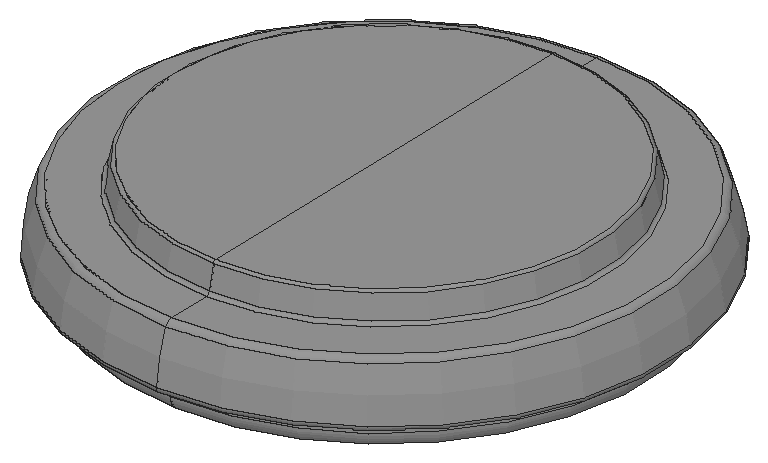
Revit family "FMK11_63_UN_Surface-mounted_ETK", category Lighting Fixtures, Revit 2017
Family settings
  Round Connector Dimension = Use Diameter
  Part Type = Normal
  OmniClass Number = 23.80.70.11.14.11
  OmniClass Title = Downlights
  Work Plane-Based = No
  Always vertical = Yes
  Cut with Voids When Loaded = No
  Light Source = No
  Shared = No
  Room Calculation Point = Yes
Parameters (values of type "FMK.1139.10N - Ø250x48 / 12W")
  Wattage Comments = "12W"
  Wall mounted [instance] = no
  Voltage = 230 V
  URL = "https://www.etk.nl/--4761"
  Type Comments = "IP54 - IK08"
  Symbol_Waterproof [instance] = no
  Symbol_Emergency Lighting [instance] = no
  Switch Code [instance] = ""
  Radius = Diameter / 2  # 125 mm
  Model = "FMK.1"
  Manufacturer = "ETK licht B.V."
  Luminaire_Body_Material = PPS Plastic
  Luminaire Code [instance] = ""
  Lamp = "LED"
  IfcExportType = "USERDEFINED"
  IfcExportAs = "IfcLightFixtureType"
  Distance Symbol [instance] = if(Wall mounted, 250 mm, 0 mm)  # 0 mm
  Distance Luminaire Wall [instance] = if([40mm Height], 28.2 mm, 38.2 mm)  # 38.2 mm
  Distance Luminaire [instance] = if([40mm Height], 28.2 mm, 38.2 mm)  # 38.2 mm
  Diameter = 250 mm
  Description = "Surface Mounted"
  Copyright © IVLighting = "www.ivlighting.nl"
  Ceiling mounted [instance] = not(Wall mounted)  # yes
  Calc_Radius = Radius - 7.7 mm  # 117.3 mm
  Bundle = "120°"
  Assembly Code = "63.0"
  Apparent Load = 12 VA
  48mm Height = not([40mm Height])  # yes
  40mm Height = no
Reference planes
  plane 1 "Center (Front/Back)": y = 0
  plane 2: z = 0
  plane 3 "Center (Left/Right)": x = 0
Dimensions and locks
  "Distance Luminaire": plane 2 to nested 3
  "Distance Luminaire Wall": nested 2 to plane 3 "Center (Left/Right)"
  "Distance Symbol": plane 3 "Center (Left/Right)" to nested 1
  aligned and locked: level to plane 2
Nested families
  nested 1: "FMK.1 D250 Light_Symbol_IVL" at (0, 0, 0), Wall mounted <- "Wall mounted", Emergency Lighting <- "Symbol_Emergency Lighting", Waterproof <- "Symbol_Waterproof", type "Symbol 250mm"
  nested 2: "FMK1 Geometry" at (50.028, 0, -0.011) x (0, 0, 1) z (-1, 0, 0), visible <- "Wall mounted", type "FMK1 Geometry"
    with Symbol_Waterproof no, Symbol_Emergency Lighting no, Radius 125 mm, Diameter 250 mm, Calc_Radius 117.3 mm, 48mm Height yes, 40mm Height no
  nested 3: "FMK1 Geometry" at (0, 0, -50.028) x (0, -1, 0) z (0, 0, 1), visible <- "Ceiling mounted", type "FMK1 Geometry"
    with Symbol_Waterproof no, Symbol_Emergency Lighting no, Radius 125 mm, Diameter 250 mm, Calc_Radius 117.3 mm, 48mm Height yes, 40mm Height no
  nested 4: "FMK.1 - Lightsource" at (40.039, -3.799, 2.924) x (0, 0, -1) z (-1, 0, 0), visible <- "Wall mounted", type "FMK.1109.10 - Ø250x48 / 12W"
  nested 5: "FMK.1 - Lightsource" at (0, -0.95, -38.75), visible <- "Ceiling mounted", type "FMK.1109.10 - Ø250x48 / 12W"
Connectors
  electrical at (0, 0, 0), driven by "Apparent Load"
    settings: index 1, voltage 0 V, apparent load 0 VA, apparent load phase1 12 VA, apparent load phase2 0 VA, apparent load phase3 0 VA, power factor 1, load classification "Other", number of poles 1, system type 31, power factor state 1, is connector primary yes, connector utility no, sub classification motor no, connector description ""
Definition of nested family "FMK1 Geometry"
  Parameters (values of type "FMK1 Geometry")
    URL = "https://www.etk.nl/--4761"
    Type Comments = "IP54 - IK08"
    Symbol_Waterproof [instance] = no
    Symbol_Emergency Lighting [instance] = no
    Radius = Diameter / 2  # 150 mm
    Model = "FMK.1"
    Manufacturer = "ETK licht B.V."
    Luminaire_Body_Material = none
    Diameter = 300 mm
    Description = "Surface Mounted"
    Default Elevation = 1219.2 mm
    Copyright © IVLighting = "www.ivlighting.nl"
    Calc_Radius = Radius - 7.7 mm  # 142.3 mm
    Assembly Code = "63.0"
    48mm Height = not([40mm Height])  # no
    40mm Height = yes
  Reference planes
    plane 1 "Center (Front/Back)": y = 0
    plane 2: z = 0
    plane 3 "Center (Left/Right)": x = 0
    plane 4: x = -150
    plane 5: x = -142.3
    plane 6: x = -117.421
    plane 7: x = -150
    plane 8: x = -120.493
  Forms (mm)
    Revolve 1, solid, visible <- "48mm Height"
      sketch origin (0, 0, 0) x (1, 0, 0) y (0, 0, 1)
        loop
          line (0, 11.878) -> (0, 50.016) -> (-117.421, 50.016)
          arc (-117.421, 50.016) -> (-118.285, 49.731) -> (-118.81, 48.988) r 1.453
          arc (-118.81, 48.988) -> (-120.071, 44.131) -> (-120.91, 39.183) r 58.4
          arc (-120.91, 39.183) -> (-121.418, 38.222) -> (-122.436, 37.837) r 1.538
          line (-122.436, 37.837) -> (-141.664, 37.837)
          arc (-141.664, 37.837) -> (-143.489, 37.28) -> (-144.691, 35.8) r 3.266
          arc (-144.691, 35.8) -> (-148.152, 25.071) -> (-150, 13.95) r 76.559
          arc (-150, 13.95) -> (-149.511, 12.497) -> (-148.108, 11.878) r 1.9
          line (-148.108, 11.878) -> (0, 11.878)
        axis (0, 50.016) -> (0, 11.878)
      angle from 0 to 360
    Revolve 2, solid
      sketch origin (0, 0, 0) x (1, 0, 0) y (0, 0, 1)
        loop
          line (-135.229, 0) -> (0, 0) -> (0, 11.828) -> (-142.3, 11.828) -> (-142.3, 7.071)
          arc (-142.3, 7.071) -> (-140.229, 2.071) -> (-135.229, 0) r 7.071
        axis (0, 11.828) -> (0, 0)
      angle from 0 to 360
    Revolve 3, solid, visible <- "40mm Height"
      sketch origin (0, 0, 0) x (1, 0, 0) y (0, 0, 1)
        loop
          line (0, 11.878) -> (0, 40) -> (-117.421, 40)
          arc (-117.421, 40) -> (-118.285, 39.715) -> (-118.81, 38.972) r 1.453
          arc (-118.81, 38.972) -> (-119.76, 35.483) -> (-120.493, 31.941) r 58.4
          arc (-120.493, 31.941) -> (-121.366, 30.426) -> (-123.008, 29.828) r 2.553
          line (-123.008, 29.828) -> (-145.086, 29.828)
          arc (-145.086, 29.828) -> (-146.498, 29.355) -> (-147.342, 28.129) r 2.347
          arc (-147.342, 28.129) -> (-149.006, 21.102) -> (-150, 13.95) r 76.559
          arc (-150, 13.95) -> (-149.511, 12.497) -> (-148.108, 11.878) r 1.9
          line (-148.108, 11.878) -> (0, 11.878)
        axis (0, 40) -> (0, 11.878)
      angle from 0 to 360
  Dimensions and locks
    "Radius": plane 3 "Center (Left/Right)" to plane 4
    "Calc_Radius": plane 3 "Center (Left/Right)" to plane 5
    locked: plane 6 to plane 4 at 32.579
    Revolve 3 sketch curve to plane 2 = 40 mm
    locked: plane 7 to plane 8 at 29.507
    "Radius": plane 3 "Center (Left/Right)" to plane 7
    aligned and locked: level to plane 2
    aligned and locked: plane 4 to Revolve 1 sketch curve
    aligned and locked: plane 5 to Revolve 2 sketch curve
    aligned and locked: plane 6 to Revolve 1 sketch curve
    aligned and locked: plane 7 to Revolve 3 sketch curve
  Automatic sketch dimensions
    Revolve 1 sketch curve to plane 4 = 0 mm
    Revolve 1 sketch curve to plane 3 "Center (Left/Right)" = 0 mm  (x2)
    plane 4 to Revolve 1 sketch curve = 1.892 mm
    plane 4 to Revolve 1 sketch curve = 8.336 mm
    Revolve 1 sketch curve to plane 6 = 5.015 mm
    level to Revolve 1 sketch curve = 6.994 mm
    plane 6 to Revolve 1 sketch curve = 43.663 mm
    Revolve 1 sketch curve to Revolve 1 sketch curve = 10.792 mm
    level to Revolve 1 sketch curve = 11.878 mm
    Revolve 1 sketch curve to Revolve 1 sketch curve = 24.906 mm
    Revolve 1 sketch curve to Revolve 1 sketch curve = 20.793 mm
    Revolve 1 sketch curve to Revolve 1 sketch curve = 3.266 mm
    Revolve 1 sketch curve to Revolve 1 sketch curve = 1.538 mm
    Revolve 1 sketch curve to Revolve 1 sketch curve = 9.38 mm
    Revolve 1 sketch curve to Revolve 1 sketch curve = 38.138 mm
    Revolve 1 sketch curve to Revolve 1 sketch curve = 0 mm
    Revolve 1 sketch curve to level = 366.045 mm
    Revolve 1 sketch curve to Revolve 1 sketch curve = 2164.299 mm
    Revolve 2 sketch curve to level = 0 mm
    Revolve 2 sketch curve to plane 3 "Center (Left/Right)" = 0 mm  (x2)
    plane 5 to Revolve 2 sketch curve = 7.071 mm
    level to Revolve 2 sketch curve = 11.828 mm
    Revolve 2 sketch curve to Revolve 2 sketch curve = 366.045 mm
    Revolve 2 sketch curve to Revolve 2 sketch curve = 2202.487 mm
    plane 7 to Revolve 3 sketch curve = 0 mm
    plane 8 to Revolve 3 sketch curve = 0 mm  (x2)
    Revolve 3 sketch curve to plane 3 "Center (Left/Right)" = 0 mm  (x2)
    Revolve 3 sketch curve to plane 7 = 1.892 mm
    Revolve 3 sketch curve to plane 7 = 4.914 mm
    plane 8 to Revolve 3 sketch curve = 2.515 mm
    Revolve 3 sketch curve to plane 8 = 3.073 mm
    level to Revolve 3 sketch curve = 6.994 mm
    Revolve 3 sketch curve to plane 8 = 46.736 mm
    Revolve 3 sketch curve to Revolve 3 sketch curve = 10.792 mm
    level to Revolve 3 sketch curve = 11.878 mm
    Revolve 3 sketch curve to Revolve 3 sketch curve = 14.89 mm
    Revolve 3 sketch curve to Revolve 3 sketch curve = 13.703 mm
    Revolve 3 sketch curve to Revolve 3 sketch curve = 2.347 mm
    Revolve 3 sketch curve to Revolve 3 sketch curve = 1.453 mm
    Revolve 3 sketch curve to level = 366.045 mm
    Revolve 3 sketch curve to Revolve 3 sketch curve = 2174.315 mm
Definition of nested family "FMK.1 D250 Light_Symbol_IVL"
  Parameters (values of type "Symbol 250mm")
    Waterproof [instance] = no
    Wall mounted [instance] = no
    Lighting Fixture [instance] = yes
    Emergency Lighting [instance] = no
  Reference planes
    plane 1: y = 0
    plane 2: x = 0
  Lines and regions (mm)
    Filled region 1, type "Emergency Lighting", visible <- "Waterproof"
      outline origin (5.15, 1.04, 0) x (1, 0, 0) y (0, 1, 0)
        loop
          arc (-6.33, -1.34) -> (-5.15, -2.258) -> (-3.97, -1.34) r 1.217
          line (-3.97, -1.34) -> (-6.33, -1.34)
    Filled region 2, type "Emergency Lighting", visible <- "Emergency Lighting"
      outline origin (-5.15, 1.04, 0) x (0, 1, 0) y (-1, 0, 0)
        loop
          line (-1.04, -5.15) -> (-1.901, -6.011)
          arc (-1.901, -6.011) -> (-1.04, -6.367) -> (-0.18, -6.011) r 1.217
          line (-0.18, -6.011) -> (-1.04, -5.15)
    Filled region 3, type "Emergency Lighting", visible <- "Emergency Lighting"
      outline origin (5.15, 1.04, 0) x (1, 0, 0) y (0, 1, 0)
        loop
          line (-5.15, -1.04) -> (-6.011, -0.18)
          arc (-6.011, -0.18) -> (-6.367, -1.04) -> (-6.011, -1.901) r 1.217
          line (-6.011, -1.901) -> (-5.15, -1.04)
    detail lines, visible <- "Lighting Fixture"
      curve 1: circle (0, 0, 0) r 1.217 normal (0, 0, 1)
    detail lines, visible <- "Waterproof"
      curve 2: circle (0, 0, 0) r 1.217 normal (0, 0, 1)
    detail lines, visible <- "Emergency Lighting"
      curve 3: circle (0, 0, 0) r 1.217 normal (0, 0, 1)
    detail lines, visible <- "Wall mounted"
      curve 4: line (-1.217, 0, 0) -> (-2.5, 0, 0)
      curve 5: line (-2.5, 0.5, 0) -> (-2.5, -0.5, 0)
Definition of nested family "FMK.1 - Lightsource"
  Parameters (values of type "FMK.1109.10 - Ø250x48 / 12W")
    Wattage Comments = "12W"
    Wattage = 23.5624 W
    built-in parameter 1150110 = 1 (stored number, unit not read)
    URL = "https://www.etk.nl/--4761"
    built-in parameter 1114217 = 1 (stored number, unit not read)
    Tilt Angle = 90.00°
    built-in parameter 1150109 = 1 (stored number, unit not read)
    built-in parameter 1150134 = (empty or 0)
    built-in parameter 1150113 = 1 (stored number, unit not read)
    Photometric Web File = "FMK.1109.10.ies"
    built-in parameter 1150142 = "IESNA:LM-63-2002\r\n[TEST] /2015\r\n[TESTLAB] ies2eulumdat.appspot.com\r\n[ISSUEDATE] 2021-06-16T09:00:21.829\r\n[MANUFAC] www.etk.nl\r\n[LUMCAT] FMK.1109.10\r\n[LUMINAIRE] FMK.1 LED 12W 3000/4000/5700K ø250 niet dimbaar\r\n[LAMPCAT] LED\r\n[LAMP] LED\r\nTILT=NONE\r\n1\t1150\t1\t46\t180\t1\t2\t-0.250\t-0.250\t0\r\n1.0\t1.0\t11.80\r\n0\t 2\t 4\t 6\t 8\t 10\t 12\t 14\t 16\t 18\r\n20\t 22\t 24\t 26\t 28\t 30\t 32\t 34\t 36\t 38\r\n40\t 42\t 44\t 46\t 48\t 50\t 52\t 54\t 56\t 58\r\n60\t 62\t 64\t 66\t 68\t 70\t 72\t 74\t 76\t 78\r\n80\t 82\t 84\t 86\t 88\t 90\r\n0\t 2\t 4\t 6\t 8\t 10\t 12\t 14\t 16\t 18\r\n20\t 22\t 24\t 26\t 28\t 30\t 32\t 34\t 36\t 38\r\n40\t 42\t 44\t 46\t 48\t 50\t 52\t 54\t 56\t 58\r\n60\t 62\t 64\t 66\t 68\t 70\t 72\t 74\t 76\t 78\r\n80\t 82\t 84\t 86\t 88\t 90\t 92\t 94\t 96\t 98\r\n100\t 102\t 104\t 106\t 108\t 110\t 112\t 114\t 116\t 118\r\n120\t 122\t 124\t 126\t 128\t 130\t 132\t 134\t 136\t 138\r\n140\t 142\t 144\t 146\t 148\t 150\t 152\t 154\t 156\t 158\r\n160\t 162\t 164\t 166\t 168\t 170\t 172\t 174\t 176\t 178\r\n180\t 182\t 184\t 186\t 188\t 190\t 192\t 194\t 196\t 198\r\n200\t 202\t 204\t 206\t 208\t 210\t 212\t 214\t 216\t 218\r\n220\t 222\t 224\t 226\t 228\t 230\t 232\t 234\t 236\t 238\r\n240\t 242\t 244\t 246\t 248\t 250\t 252\t 254\t 256\t 258\r\n260\t 262\t 264\t 266\t 268\t 270\t 272\t 274\t 276\t 278\r\n280\t 282\t 284\t 286\t 288\t 290\t 292\t 294\t 296\t 298\r\n300\t 302\t 304\t 306\t 308\t 310\t 312\t 314\t 316\t 318\r\n320\t 322\t 324\t 326\t 328\t 330\t 332\t 334\t 336\t 338\r\n340\t 342\t 344\t 346\t 348\t 350\t 352\t 354\t 356\t 358\r\n\r\n405.3384\t404.7765\t404.2265\t402.9975\t401.1013\t399.2051\t395.3191\t391.4331\t387.5471\t383.661\r\n379.7751\t373.4779\t367.169\t360.8717\t354.5746\t348.2657\t339.7094\t331.1415\t322.5852\t314.029\r\n305.461\t294.8096\t284.1582\t273.5069\t262.8555\t252.2041\t239.7267\t227.261\t214.7837\t202.3181\r\n189.8525\t177.3751\t164.9094\t152.432\t139.9664\t127.4891\t0\t0\t0\t0\r\n0\t0\t0\t0\t0\t0\r\n405.3384\t404.7925\t404.2577\t403.0448\t401.1686\t399.2994\t395.4335\t391.5606\t387.7102\t383.8203\r\n379.9334\t373.6444\t367.3443\t361.0453\t354.7325\t348.4388\t339.8983\t331.3616\t322.8117\t314.2627\r\n305.722\t295.0872\t284.4404\t273.8022\t263.1576\t252.5163\t240.0548\t227.5873\t215.131\t202.664\r\n190.1945\t177.7378\t165.2697\t152.8012\t140.3312\t128.1946\t0.3296\t0\t0\t0\r\n0\t0\t0\t0\t0\t0\r\n405.3384\t404.8094\t404.2892\t403.0935\t401.2796\t399.4809\t395.6213\t391.7396\t387.8385\t383.9437\r\n380.072\t373.802\t367.5085\t361.2065\t354.9129\t348.6531\t340.137\t331.5961\t323.0451\t314.5012\r\n305.9895\t295.3818\t284.734\t274.0862\t263.4264\t252.8071\t240.376\t227.9231\t215.4572\t202.995\r\n190.53\t178.0631\t165.6056\t153.1389\t140.6717\t129.4859\t1.3419\t0\t0\t0\r\n0\t0\t0\t0\t0\t0\r\n405.3384\t404.8271\t404.3209\t403.1488\t401.3532\t399.5783\t395.7291\t391.8382\t387.9181\t384.0265\r\n380.1901\t373.9544\t367.6616\t361.3486\t355.0482\t348.8012\t340.3437\t331.8018\t323.2501\t314.6929\r\n306.2129\t295.662\t285.012\t274.3604\t263.7094\t253.1247\t240.74\t228.2758\t215.8122\t203.3491\r\n190.8749\t178.4127\t165.9503\t153.4898\t141.027\t131.3458\t3.1025\t0\t0\t0\r\n0\t0\t0\t0\t0\t0\r\n405.3384\t404.8458\t404.3591\t403.1978\t401.4167\t399.6486\t395.7816\t391.8937\t388.0038\t384.1068\r\n380.2987\t374.1143\t367.817\t361.5156\t355.2003\t348.9967\t340.5979\t332.043\t323.4957\t314.942\r\n306.4955\t295.9896\t285.3021\t274.6328\t263.9659\t253.4202\t241.0823\t228.6129\t216.1591\t203.6915\r\n191.2234\t178.7558\t166.3001\t153.8352\t141.371\t133.6544\t5.718\t0\t0\t0\r\n0\t0\t0\t0\t0\t0\r\n405.3384\t404.8652\t404.3908\t403.2459\t401.4706\t399.6646\t395.8675\t391.9843\t388.0857\t384.1821\r\n380.4316\t374.3456\t368.0256\t361.7021\t355.3697\t349.2\t340.8799\t332.2872\t323.6935\t315.0968\r\n306.6804\t296.3012\t285.6181\t274.9391\t264.248\t253.707\t241.4578\t228.9766\t216.4988\t204.0245\r\n191.5571\t179.0864\t166.6186\t154.1544\t141.6922\t136.24\t9.3369\t0\t0\t0\r\n0\t0\t0\t0\t0\t0\r\n405.3384\t404.8854\t404.4219\t403.2933\t401.5055\t399.7186\t395.9651\t392.0842\t388.1903\t384.3067\r\n380.5784\t374.5562\t368.2162\t361.8639\t355.4958\t349.3364\t341.1183\t332.5123\t323.9013\t315.2964\r\n306.9063\t296.6299\t285.9122\t275.1976\t264.4831\t253.9575\t241.8218\t229.3201\t216.8328\t204.3396\r\n191.8483\t179.3695\t166.8926\t154.4222\t141.9565\t138.8551\t14.1501\t0\t0\t0\r\n0\t0\t0\t0\t0\t0\r\n405.3384\t404.9066\t404.4521\t403.3398\t401.5506\t399.7766\t396.0731\t392.2029\t388.3231\t384.3922\r\n380.6589\t374.7488\t368.3792\t361.9898\t355.5837\t349.4181\t341.3685\t332.7528\t324.1099\t315.4532\r\n307.0598\t296.9581\t286.2249\t275.4731\t264.7159\t254.1799\t242.1928\t229.6762\t217.1659\t204.6692\r\n192.1717\t179.6758\t167.1817\t154.6978\t142.2295\t141.3105\t20.401\t0\t0\t0\r\n0\t0\t0\t0\t0\t0\r\n405.3384\t404.9688\t404.4817\t403.3908\t401.5946\t399.8358\t396.2032\t392.3475\t388.4203\t384.4425\r\n380.7195\t374.9437\t368.5473\t362.1238\t355.6851\t349.5134\t341.9282\t332.9785\t324.3069\t315.6402\r\n306.9436\t297.5694\t286.5262\t275.7395\t264.9593\t254.1623\t242.7912\t230.0358\t217.5005\t204.986\r\n192.4711\t179.9636\t167.4644\t154.9748\t142.4941\t143.2492\t28.3764\t0\t0\t0\r\n0\t0\t0\t0\t0\t0\r\n405.3384\t404.9901\t404.5102\t403.434\t401.6375\t399.8986\t396.3675\t392.4653\t388.4946\t384.4886\r\n380.7515\t375.1532\t368.7296\t362.2829\t355.7949\t349.2691\t342.1908\t333.257\t324.528\t315.7751\r\n307.0363\t297.9246\t286.8722\t276.0236\t265.1733\t254.3419\t243.18\t230.433\t217.8766\t205.3224\r\n192.7845\t180.2462\t167.7206\t155.2142\t142.724\t144.3059\t38.4235\t0\t0\t0\r\n0\t0\t0\t0\t0\t0\r\n405.3384\t405.0108\t404.5376\t403.4745\t401.6757\t399.9613\t396.5103\t392.5677\t388.5717\t384.5293\r\n380.4421\t375.6788\t368.9428\t362.4278\t355.8852\t349.3419\t342.4468\t333.4846\t324.7196\t315.9401\r\n307.1422\t298.1755\t287.1691\t276.2852\t265.4162\t254.5351\t243.54\t230.8321\t218.2158\t205.6051\r\n193.0422\t180.5018\t167.9628\t155.4439\t142.9509\t130.4715\t80.1717\t0\t0\t0\r\n0\t0\t0\t0\t0\t0\r\n405.3384\t405.0308\t404.5638\t403.5122\t401.7197\t400.0344\t396.6479\t392.675\t388.642\t384.5539\r\n380.446\t375.8849\t369.1475\t362.5941\t356.0076\t349.3402\t342.606\t333.7678\t324.9507\t316.0958\r\n307.1888\t298.3823\t287.5427\t276.5987\t265.6547\t254.6769\t243.7733\t231.1892\t218.5583\t205.9536\r\n193.3574\t180.7795\t168.2176\t155.6732\t143.1664\t130.6811\t92.6587\t0\t0\t0\r\n0\t0\t0\t0\t0\t0\r\n405.3384\t405.0504\t404.5956\t403.547\t401.7653\t400.0733\t397.0342\t392.7846\t388.7175\t384.6009\r\n380.4658\t376.0643\t369.3866\t362.7735\t356.0799\t349.3699\t342.7566\t334.0832\t325.1628\t316.2179\r\n307.2752\t298.5357\t287.9146\t276.8913\t265.8705\t254.8646\t244.0337\t231.6235\t218.9315\t206.265\r\n193.6356\t181.0339\t168.4572\t155.9156\t143.3861\t130.8825\t104.473\t0\t0\t0\r\n0\t0\t0\t0\t0\t0\r\n405.3384\t405.0692\t404.6173\t403.5726\t401.812\t400.0922\t397.1653\t392.8976\t388.795\t384.6787\r\n380.4567\t376.1942\t369.6246\t362.9226\t356.2055\t349.4272\t342.8367\t334.3769\t325.3805\t316.3703\r\n307.3625\t298.3377\t288.5546\t277.2123\t266.1258\t255.0391\t244.1559\t232.0335\t219.3073\t206.6258\r\n193.9576\t181.3129\t168.7045\t156.1324\t143.5875\t131.0872\t115.0185\t0\t0\t0\r\n0\t0\t0\t0\t0\t0\r\n405.3384\t405.0876\t404.6362\t403.6022\t401.8688\t399.828\t397.2783\t392.9976\t388.9023\t384.7385\r\n380.4432\t376.2623\t369.8607\t363.1303\t356.3361\t349.4819\t342.5273\t334.9205\t325.6274\t316.563\r\n307.4647\t298.325\t288.8953\t277.552\t266.3836\t255.2249\t244.066\t232.6598\t219.71\t206.9637\r\n194.2635\t181.5828\t168.9417\t156.3369\t143.7678\t131.2452\t123.6219\t0\t0\t0\r\n0\t0\t0\t0\t0\t0\r\n405.3384\t405.1054\t404.6527\t403.6299\t401.9954\t399.8313\t397.3825\t393.1311\t389.0376\t384.7914\r\n380.4256\t376.2601\t370.1442\t363.3441\t356.5\t349.5195\t342.4467\t335.1645\t325.9313\t316.7695\r\n307.548\t298.3169\t289.1161\t277.9297\t266.651\t255.4032\t244.1853\t232.9715\t220.1319\t207.3312\r\n194.5444\t181.8166\t169.148\t156.5181\t143.9438\t131.4005\t129.5504\t10.7169\t0\t0\r\n0\t0\t0\t0\t0\t0\r\n405.3384\t405.1227\t404.6665\t403.6558\t402.0282\t399.8387\t397.4732\t393.2952\t389.1616\t384.8421\r\n380.4176\t375.9014\t370.721\t363.6037\t356.6569\t349.5494\t342.4061\t335.3294\t326.2421\t316.9739\r\n307.6665\t298.3454\t289.1781\t278.2878\t266.963\t255.6467\t244.3238\t233.1536\t220.5163\t207.6577\r\n194.8355\t182.0686\t169.3482\t156.6677\t144.0408\t131.4715\t131.8453\t25.923\t0\t0\r\n0\t0\t0\t0\t0\t0\r\n405.3384\t405.1396\t404.6776\t403.6776\t402.0538\t399.8619\t397.5341\t393.5083\t389.2881\t384.8846\r\n380.4261\t375.832\t370.9139\t363.9038\t356.8028\t349.6355\t342.4017\t335.332\t326.5796\t317.2212\r\n307.8198\t298.3417\t288.8594\t278.9905\t267.339\t255.8866\t244.4302\t233.0061\t221.1259\t208.0094\r\n195.1274\t182.2902\t169.5075\t156.7928\t144.1389\t131.538\t118.9821\t72.5747\t0\t0\r\n0\t0\t0\t0\t0\t0\r\n405.3384\t405.1559\t404.686\t403.7113\t402.0482\t399.882\t397.6063\t393.7003\t389.4083\t384.9648\r\n380.4586\t375.7543\t371.0891\t364.165\t357.0131\t349.7518\t342.4103\t334.9484\t327.1548\t317.4999\r\n307.9709\t298.3923\t288.8332\t279.2321\t267.7019\t256.1485\t244.593\t233.049\t221.4516\t208.379\r\n195.4187\t182.5259\t169.6952\t156.9157\t144.2105\t131.5685\t118.9925\t91.6472\t0\t0\r\n0\t0\t0\t0\t0\t0\r\n405.3384\t405.1718\t404.6918\t403.7304\t402.0748\t399.9057\t397.6713\t393.8957\t389.5114\t385.088\r\n380.4979\t375.7076\t371.0587\t364.4889\t357.2386\t349.9042\t342.4218\t334.8539\t327.2884\t317.8216\r\n308.1836\t298.5219\t288.784\t279.2695\t268.1369\t256.4569\t244.7869\t233.1079\t221.6219\t208.7797\r\n195.7476\t182.7712\t169.842\t157.0084\t144.2669\t131.5897\t118.9856\t106.3522\t0\t0\r\n0\t0\t0\t0\t0\t0\r\n405.3384\t405.1872\t404.677\t403.7455\t402.1069\t399.9332\t397.7438\t394.3242\t389.6719\t385.2237\r\n380.5442\t375.6807\t370.6129\t365.0631\t357.5309\t350.0674\t342.4859\t334.7817\t327.2448\t318.4473\r\n308.4635\t298.6371\t288.784\t278.8955\t268.7927\t256.8209\t244.9966\t233.2361\t221.4851\t209.3772\r\n196.0586\t182.9925\t170.014\t157.1221\t144.303\t131.5659\t118.922\t115.4507\t0.7529\t0\r\n0\t0\t0\t0\t0\t0\r\n405.3384\t405.2023\t404.5924\t403.7567\t402.1445\t399.9518\t397.5215\t394.4699\t389.8906\t385.382\r\n380.6063\t375.6074\t370.4961\t365.1827\t357.8531\t350.2794\t342.5728\t334.767\t326.8088\t318.7303\r\n308.7717\t298.8224\t288.8326\t278.8036\t268.8778\t257.2662\t245.3121\t233.3885\t221.4719\t209.6291\r\n196.4163\t183.2663\t170.1886\t157.217\t144.3317\t131.5459\t118.8227\t106.1876\t17.4697\t0\r\n0\t0\t0\t0\t0\t0\r\n405.3384\t405.217\t404.5944\t403.7643\t402.2164\t399.9969\t397.5215\t394.5348\t390.1198\t385.5481\r\n380.6842\t375.579\t370.3695\t365.1761\t358.5091\t350.5396\t342.7377\t334.7731\t326.7113\t318.7291\r\n309.1553\t299.0695\t288.9289\t278.7193\t268.5571\t257.9194\t245.6422\t233.5555\t221.5159\t209.6959\r\n196.8141\t183.564\t170.3986\t157.3153\t144.3298\t131.4311\t118.6433\t105.963\t65.2493\t0\r\n0\t0\t0\t0\t0\t0\r\n405.3384\t405.2314\t404.597\t403.7683\t402.259\t400.1387\t397.5142\t394.6254\t390.3718\t385.7346\r\n380.7618\t375.6336\t370.2359\t364.7113\t358.7633\t350.8369\t342.942\t334.8576\t326.6208\t318.2983\r\n309.7123\t299.3766\t289.0811\t278.7695\t268.3526\t258.0866\t246.0418\t233.822\t221.6258\t209.5032\r\n197.3492\t183.8918\t170.5912\t157.4067\t144.3357\t131.3476\t118.48\t105.7362\t86.9291\t0\r\n0\t0\t0\t0\t0\t0\r\n405.3384\t405.2454\t404.6007\t403.7691\t402.2969\t400.2013\t397.5194\t394.7022\t390.8756\t385.9297\r\n380.8283\t375.6809\t370.2029\t364.5257\t358.7975\t351.2443\t343.1931\t334.9798\t326.6184\t318.1094\r\n309.6994\t299.7814\t289.3562\t278.8261\t268.235\t257.6488\t246.725\t234.1375\t221.8235\t209.5282\r\n197.4412\t184.2693\t170.8692\t157.5318\t144.3183\t131.2485\t118.3192\t105.4985\t99.8452\t0\r\n0\t0\t0\t0\t0\t0\r\n405.3384\t405.2465\t404.6055\t403.7327\t402.33\t400.28\t397.5374\t394.7758\t391.1064\t386.1222\r\n380.9814\t375.6963\t370.1916\t364.3689\t358.3019\t351.8681\t343.551\t335.1761\t326.6651\t318.0094\r\n309.224\t300.3263\t289.676\t278.9673\t268.2109\t257.4449\t246.79\t234.5954\t222.0662\t209.6096\r\n197.2538\t184.796\t171.1111\t157.6776\t144.3725\t131.1929\t118.1378\t105.2239\t92.4606\t7.417\r\n0\t0\t0\t0\t0\t0\r\n405.3384\t405.26\t404.6117\t403.7331\t402.3583\t400.3318\t397.5727\t394.5667\t391.2865\t386.3445\r\n381.2477\t375.7985\t370.1959\t364.244\t358.0878\t351.9228\t343.9437\t335.4465\t326.8059\t317.9911\r\n309.0489\t300.2024\t290.2985\t279.2004\t268.2951\t257.2789\t246.344\t235.2056\t222.4167\t209.7955\r\n197.2042\t184.8605\t171.4948\t157.9091\t144.4487\t131.1247\t117.9609\t104.9565\t92.1149\t52.9313\r\n0\t0\t0\t0\t0\t0\r\n405.3384\t405.2736\t404.6193\t403.7351\t402.3811\t400.3748\t397.6302\t394.5872\t391.3781\t386.8119\r\n381.4951\t375.9993\t370.2514\t364.1293\t357.9116\t351.3889\t344.5079\t335.822\t327.0416\t318.0736\r\n308.9557\t299.6921\t290.3569\t279.5927\t268.421\t257.3226\t246.1\t234.903\t222.8814\t210.0311\r\n197.2958\t184.6475\t172.0079\t158.165\t144.5452\t131.0796\t117.7978\t104.7315\t91.8426\t76.8551\r\n0\t0\t0\t0\t0\t0\r\n405.3384\t405.2871\t404.6284\t403.7382\t402.383\t400.4092\t397.8019\t394.6157\t391.382\t386.9759\r\n381.7537\t376.2214\t370.3501\t364.1175\t357.7917\t351.1064\t344.4201\t336.5393\t327.3814\t318.2587\r\n308.9705\t299.4656\t289.8818\t280.0753\t268.8078\t257.4031\t245.984\t234.5829\t223.2864\t210.4452\r\n197.4796\t184.6232\t171.8738\t158.4916\t144.6856\t131.1101\t117.7175\t104.5034\t91.5471\t87.0893\r\n0\t0\t0\t0\t0\t0\r\n405.3384\t405.3008\t404.6392\t403.7418\t402.3989\t400.4352\t397.8747\t394.6614\t391.0674\t387.1128\r\n382.2229\t376.4632\t370.4832\t364.2203\t357.7251\t350.8963\t343.8101\t336.6669\t327.8215\t318.561\r\n309.1145\t299.4337\t289.6313\t279.6987\t269.4041\t257.6346\t246.0417\t234.3777\t222.7877\t211.0609\r\n197.8041\t184.6956\t171.7174\t158.9026\t144.9461\t131.1605\t117.657\t104.3263\t91.2411\t78.3968\r\n8.6356\t0\t0\t0\t0\t0\r\n405.3384\t405.3146\t404.6518\t403.7453\t402.4116\t400.4333\t397.9374\t394.7255\t391.0189\t387.2362\r\n382.4741\t376.7553\t370.621\t364.3583\t357.712\t350.7498\t343.5434\t336.0689\t328.3754\t318.9975\r\n309.3575\t299.5473\t289.484\t279.3984\t269.2587\t258.261\t246.2079\t234.3624\t222.4746\t210.6739\r\n198.3975\t184.9162\t171.7187\t158.643\t145.2545\t131.3415\t117.6016\t104.16\t90.981\t78.0548\r\n54.1337\t0\t0\t0\t0\t0\r\n405.3384\t405.4889\t404.6945\t403.6712\t402.4205\t400.4506\t397.9834\t394.8928\t390.9998\t386.973\r\n382.6577\t377.3141\t370.8707\t364.5641\t357.7877\t350.7046\t343.3801\t335.7208\t327.8525\t319.6767\r\n309.7968\t299.7787\t289.6134\t279.2245\t268.6962\t258.2578\t246.6038\t234.4814\t222.3847\t210.2821\r\n198.4381\t185.3347\t171.8446\t158.564\t145.4985\t131.5442\t117.6455\t104.0124\t90.7095\t77.7184\r\n71.0115\t0\t0\t0\t0\t0\r\n405.3384\t405.5009\t404.7104\t403.6809\t402.4254\t400.4644\t398.0198\t394.9896\t391.014\t386.9406\r\n382.6666\t377.537\t371.2201\t364.837\t357.9545\t350.7593\t343.2926\t335.5022\t327.46\t319.1538\r\n310.4783\t300.1684\t289.8497\t279.2431\t268.5397\t257.661\t246.8589\t234.8353\t222.4783\t210.092\r\n197.8192\t185.7046\t172.2109\t158.5712\t145.1721\t131.9025\t117.7262\t103.9048\t90.5045\t77.4349\r\n64.724\t0\t0\t0\t0\t0\r\n405.3384\t405.512\t404.7274\t403.6949\t402.4256\t400.4737\t398.0459\t395.0319\t391.1349\t386.9314\r\n382.368\t377.565\t371.7894\t365.1647\t358.2122\t350.925\t343.2805\t335.4297\t327.1908\t318.7224\r\n309.9642\t300.886\t290.2777\t279.5029\t268.5805\t257.4726\t246.2239\t235.0727\t222.7881\t210.1727\r\n197.5617\t185.0625\t172.6371\t158.8143\t145.0846\t131.6118\t117.8827\t103.9322\t90.3265\t77.1744\r\n64.48\t35.0653\t0\t0\t0\t0\r\n405.3384\t405.522\t404.7455\t403.7452\t402.4209\t400.4773\t398.0588\t395.0488\t391.1753\t387.0135\r\n382.3352\t377.2242\t371.9159\t365.7147\t358.5534\t351.2243\t343.4254\t335.4792\t327.0606\t318.4772\r\n309.4696\t300.3065\t290.8705\t280.0089\t268.8629\t257.5392\t246.0377\t234.4621\t222.8965\t210.6316\r\n197.5873\t184.7291\t171.9505\t159.2993\t145.2866\t131.4601\t118.0115\t103.9741\t90.2222\t76.9361\r\n64.1798\t56.618\t0\t0\t0\t0\r\n405.3384\t405.5308\t404.7649\t403.7651\t402.3395\t400.4737\t398.0593\t395.0424\t391.207\t387.0567\r\n382.3506\t377.1527\t371.6378\t365.821\t359.1154\t351.6039\t343.7387\t335.6237\t327.116\t318.3892\r\n309.185\t299.8538\t290.1589\t280.4669\t269.6277\t257.8645\t246.1541\t234.2897\t222.3665\t210.3175\r\n198.0481\t184.7232\t171.6272\t158.6683\t145.768\t131.577\t117.6798\t104.1455\t90.1031\t76.7097\r\n63.9092\t51.7004\t0\t0\t0\t0\r\n405.3384\t405.5388\t404.7856\t403.7878\t402.34\t400.4766\t398.0469\t395.016\t391.2276\t387.086\r\n382.4782\t377.1848\t371.6139\t365.5258\t359.2193\t352.1252\t344.383\t335.9209\t327.3527\t318.4608\r\n309.1505\t299.601\t289.7392\t279.6691\t269.2868\t258.5846\t246.5891\t234.456\t222.2595\t209.9698\r\n197.5743\t185.146\t171.655\t158.2647\t145.101\t132.0467\t117.7168\t103.7776\t90.1162\t76.5416\r\n63.6537\t51.4481\t11.4644\t0\t0\t0\r\n405.3384\t405.5455\t404.8079\t403.8136\t402.3469\t400.3632\t398.021\t394.9736\t391.2361\t387.0991\r\n382.4999\t377.3413\t371.7228\t365.4801\t358.9167\t352.0852\t344.7107\t336.4982\t327.7775\t318.7203\r\n309.3167\t299.5744\t289.5996\t279.3072\t268.7148\t257.8887\t247.047\t235.2639\t222.5436\t209.9771\r\n197.2699\t184.5597\t171.885\t158.2865\t144.6692\t131.337\t118.1829\t103.7905\t89.9666\t76.4265\r\n63.4089\t51.1676\t44.0861\t0\t0\t0\r\n405.3384\t405.5513\t404.9774\t403.8429\t402.3609\t400.3505\t397.8886\t394.8898\t391.2407\t387.0953\r\n382.4979\t377.3824\t371.7634\t365.5989\t358.905\t351.812\t344.4396\t336.63\t328.3847\t319.3177\r\n309.7407\t299.8087\t289.728\t279.2246\t268.459\t257.4328\t246.1417\t234.7065\t223.2024\t210.4254\r\n197.4644\t184.3923\t171.2764\t158.1367\t144.9817\t130.9885\t117.4819\t104.1949\t89.9202\t76.3115\r\n63.1698\t50.8615\t39.4911\t0\t0\t0\r\n405.3384\t405.5559\t404.9992\t403.8756\t402.382\t400.349\t397.8573\t394.7468\t391.2145\t387.0848\r\n382.4587\t377.3893\t371.7642\t365.6347\t359.0468\t351.9462\t344.3869\t336.3706\t328.1386\t319.4674\r\n310.3444\t300.4744\t290.1739\t279.4322\t268.5321\t257.3547\t245.836\t234.1207\t222.3374\t210.1954\r\n198.078\t184.7804\t171.3331\t157.8412\t144.3958\t131.1966\t117.2105\t103.4803\t90.2145\t76.2405\r\n62.9998\t50.5463\t39.207\t5.7837\t0\t0\r\n405.3384\t405.5595\t405.017\t403.9123\t402.4111\t400.3595\t397.8451\t
